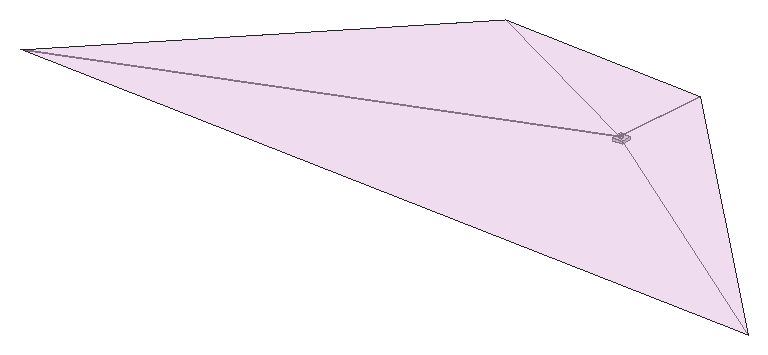
Revit family "Camera-Security-Panasonic-Dome-Network-S3111LSeriesX", category Security Devices, host Face, Revit 2016
Family settings
  Host = Face
  Maintain Annotation Orientation = No
  Part Type = Normal
  Round Connector Dimension = Use Diameter
  OmniClass Number = 23.85.10.14.11
  OmniClass Title = Cameras
  Cut with Voids When Loaded = No
  Shared = No
  Room Calculation Point = No
Parameters (values of type "WV-S3131L")
  z Yaw Actual [instance] = if(and(On Wall, not(On Ceiling)), Yaw Actual, Yaw Actual + 180.00°)  # 180.00°
  z VV Viewpoint Depth Min = 0.68898"  # constant formula
  z VV Viewpoint Depth Max = 0.68898"  # constant formula
  z VV Viewpoint Depth [instance] = (z VV Viewpoint Depth Max - z VV Viewpoint Depth Min) * z HFOV Ratio + z VV Viewpoint Depth Min  # 0.68898"
  z VV Origin Height [instance] = 0.94488"  # constant formula
  z Tilt Offset Length = 0.66929"  # constant formula
  z Tilt Actual Safe [instance] = if(Tilt Actual = -90.00°, -89.90°, Tilt Actual)  # 45.00°
  z Tilt Actual [instance] = Tilt Actual  # 45.00°
  z Pan Actual Safe [instance] = if(Pan Actual = -180.00°, 180.00°, Pan Actual)  # 0.00°
  z Pan Actual [instance] = Pan Actual  # 0.00°
  z HFOV Ratio [instance] = 1  # constant formula
  z Dome Material = Acrylic Resin - Panasonic - Clear
  z Const Yaw Handle Length = 9.25197"  # constant formula
  z Const Yaw Base2 Length = 17.32283"  # constant formula
  z Const Yaw Base Length = 10.23622"  # constant formula
  z Const Tilt Handle Length = 9.84252"  # constant formula
  z Const Tilt Base2 Length = 19.68504"  # constant formula
  z Const Tilt Base Length = 9.84252"  # constant formula
  z Const Pan Handle Length = 27.55906"  # constant formula
  z Camera Resolution Type = 2
  z Base Radius = Diameter / 2  # 2.04724"
  Yaw Min [instance] = -90.00°  # constant formula
  Yaw Max [instance] = 90.00°  # constant formula
  Yaw Desired [instance] = 0.00°
  Yaw Actual [instance] = if(Yaw Desired > Yaw Max, Yaw Max, if(Yaw Desired < Yaw Min, Yaw Min, Yaw Desired))  # 0.00°
  Wide Dynamic Range = yes
  Weight = 0.66 lbf  # constant formula
  Vertical FOV Min [instance] = if(and(Aspect Ratio 4_3, not(Aspect Ratio 16_9)), VFOV Min 43, VFOV Min 169)  # 60.00°
  Vertical FOV Max [instance] = if(and(Aspect Ratio 4_3, not(Aspect Ratio 16_9)), VFOV Max 43, VFOV Max 169)  # 60.00°
  Vertical FOV Actual [instance] = z HFOV Ratio * (Vertical FOV Max - Vertical FOV Min) + Vertical FOV Min  # 60.00°
  Vandal Resistant = no
  VFOV Min 43 = 66.00°
  VFOV Min 169 = 60.00°
  VFOV Max 43 = 66.00°
  VFOV Max 169 = 60.00°
  URL = "http://security.panasonic.com/pss/security/"
  Tilting Range = "0 to +90°"  # constant formula
  Tilt Min [instance] = 0.00°  # constant formula
  Tilt Max [instance] = 90.00°  # constant formula
  Tilt Desired [instance] = 45.00°
  Tilt Actual [instance] = if(Tilt Desired > Tilt Max, Tilt Max, if(Tilt Desired < Tilt Min, Tilt Min, Tilt Desired))  # 45.00°
  Storage Temperature = "32°F - 104°F"  # constant formula
  Show View Volume [instance] = yes
  Resolution_HD [instance] = no
  Resolution_FullHD [instance] = yes
  Regulatory Compliance = "UL (UL60950-1), c-UL (CSA C22.2 No.60950-1), CE, IEC60950-1,FCC (Part15 Subpart B, ClassA, SDoC), ICES-003 ClassA, EN55032 ClassB, EN55024"  # constant formula
  Rated Current = 80 mA  # constant formula
  Provide Feedback = "https://www.surveymonkey.com/s/95FL6QY"
  Product Page URL = "https://security.panasonic.com/products/wv-s3131l/"
  Product Material = ABS Resin - Panasonic - Sail White
  Product Documentation Link = "https://bizpartner.panasonic.net/public/product/wv-s3131l?accordion_tab=96"
  Power Active = 3.8 W  # constant formula
  PoE = 48 V  # constant formula
  Part Number = Model  # "WV-S3131L"
  Part Description = Description  # "Security Camera, Super Dynamic, FullHD, Dome, Network"
  Panning Range = "±45°"  # constant formula
  Pan Min [instance] = -45.00°  # constant formula
  Pan Max [instance] = 45.00°  # constant formula
  Pan Desired [instance] = 0.00°
  Pan Actual [instance] = if(Pan Desired > Pan Max, Pan Max, if(Pan Desired < Pan Min, Pan Min, Pan Desired))  # 0.00°
  PPM Desired [instance] = 0
  PPM Actual [instance] = if(PPM Desired > 1, PPM Desired, 1)  # 1
  Original Creation Date = "2019/01/16"
  Operational Temperature = "0 °C to +40 °C (32 °F to 104 °F)"  # constant formula
  Operational Humidity = "10 to 90 % (no condensation)"  # constant formula
  On Wall [instance] = no
  On Ceiling [instance] = yes
  Mounting Positions = "Surface Mount"
  Model Disclaimer = "Contact Panasonic for more information"  # constant formula
  Model = "WV-S3131L"
  Minimum Illumination = 0.03 lx
  Manufacturer = "Panasonic"  # constant formula
  Lens Mount = "N/A"  # constant formula
  Indoor Or Outdoor = "Indoor"
  IP Or Analog = "IP"
  Horizontal Resolution Actual [instance] = if(and(Aspect Ratio 4_3, not(Aspect Ratio 16_9)), Horizontal Resolution 43, Horizontal Resolution 169)  # 1920
  Horizontal Resolution 43 [instance] = if(not(z Camera Resolution Type = 2), 1280, if(and(Resolution_HD, not(Resolution_FullHD)), 1280, 2048))  # 2048
  Horizontal Resolution 169 [instance] = if(not(z Camera Resolution Type = 2), 1280, if(and(Resolution_HD, not(Resolution_FullHD)), 1280, 1920))  # 1920
  Horizontal FOV Min [instance] = if(and(Aspect Ratio 4_3, not(Aspect Ratio 16_9)), HFOV Min 43, HFOV Min 169)  # 108.00°
  Horizontal FOV Max [instance] = if(and(Aspect Ratio 4_3, not(Aspect Ratio 16_9)), HFOV Max 43, HFOV Max 169)  # 108.00°
  Horizontal FOV Desired [instance] = 0.00°
  Horizontal FOV Actual [instance] = if(Horizontal FOV Desired > Horizontal FOV Max, Horizontal FOV Max, if(Horizontal FOV Desired < Horizontal FOV Min, Horizontal FOV Min, Horizontal FOV Desired))  # 108.00°
  Height = 2.00787"  # constant formula
  Has POE = yes
  HFOV Min 43 = 89.00°
  HFOV Min 169 = 108.00°
  HFOV Max 43 = 89.00°
  HFOV Max 169 = 108.00°
  Family Version = "1.0.0"  # constant formula
  Equipment Number [instance] = ""
  Equipment Abbreviation = "SC"
  Dome Part Number = "WV-CW6SA"  # constant formula
  Distance to Screen [instance] = 393.70079"
  Distance to PPM Target [instance] = if(PPM Actual = 0, 0.000", 39.37008" * Horizontal Resolution Actual / (PPM Actual * 2 * tan(Horizontal FOV Actual / 2)))  # 27459.87507"
  Distance to Floor [instance] = 118.11024"
  Distance to Ceiling [instance] = 0.000"
  Diameter = 4.09449"  # constant formula
  Description = "Security Camera, Super Dynamic, FullHD, Dome, Network"
  Default Elevation = 0.000"
  Date Last Modified = "2019/01/16"
  Day Or Night = "Yes"
  Copyright = "Copyright © Panasonic"  # constant formula
  Communication Ports = "10Base-T / 100Base-TX, RJ45 connector"  # constant formula
  Audio Out = "No"
  Audio In = "No"
  Aspect Ratio 4_3 [instance] = no
  Aspect Ratio 16_9 [instance] = yes
  Angle Of View = "108"
  Alarm Input Or Output = "N/A"
Types (2): name | z Camera Resolution Type | Vertical FOV Min | Vertical FOV Max | Vertical FOV Actual | VFOV Min 43 | VFOV Min 169 | VFOV Max 43 | VFOV Max 169 | Resolution_HD | Resolution_FullHD | Product Page URL | Product Documentation Link | Part Number | Part Description | PPM Desired | PPM Actual | Model | Minimum Illumination | Horizontal Resolution Actual | Horizontal Resolution 43 | Horizontal Resolution 169 | Horizontal FOV Min | Horizontal FOV Max | Horizontal FOV Desired | Horizontal FOV Actual | HFOV Min 43 | HFOV Min 169 | HFOV Max 43 | HFOV Max 169 | Distance to PPM Target | Description | Angle Of View
  WV-S3111L | 1 | 54.00° | 54.00° | 54.00° | 72.00° | 54.00° | 72.00° | 54.00° | yes | no | "https://security.panasonic.com/products/wv-s3111l/" | "https://bizpartner.panasonic.net/public/product/wv-s3111l?accordion_tab=96" | "WV-S3111L" | "Security Camera, Super Dynamic, HD, Dome, Network" | 300 | 300 | "WV-S3111L" | 0.02 lx | 1280 | 1280 | 1280 | 97.00° | 97.00° | 60.00° | 97.00° | 97.00° | 97.00° | 97.00° | 97.00° | 74.30763" | "Security Camera, Super Dynamic, HD, Dome, Network" | "97"
  WV-S3131L | 2 | 60.00° | 60.00° | 60.00° | 66.00° | 60.00° | 66.00° | 60.00° | no | yes | "https://security.panasonic.com/products/wv-s3131l/" | "https://bizpartner.panasonic.net/public/product/wv-s3131l?accordion_tab=96" | "WV-S3131L" | "Security Camera, Super Dynamic, FullHD, Dome, Network" | 0 | 1 | "WV-S3131L" | 0.03 lx | 1920 | 2048 | 1920 | 108.00° | 108.00° | 0.00° | 108.00° | 89.00° | 108.00° | 89.00° | 108.00° | 27459.87507" | "Security Camera, Super Dynamic, FullHD, Dome, Network" | "108"
Reference planes (in)
  plane 1 "Center (Front/Back)": y = 0
  plane 2: z = 0
  plane 3 "Center (Left/Right)": x = 0
  plane 4: x = 2.04724
  plane 5: x = -2.04724
  plane 6: z = 1.758
  plane 7: x = -0.75
  plane 8: x = 0.75
  plane 9: y = -1
  plane 10: y = -1.75
  plane 11: y = -0.25
  plane 12: y = 0.531
  plane 13: x = -1.9405
  plane 14: x = 1.9405
  plane 15: z = 0.558
  plane 16: z = 1.258
  plane 17: z = 0.758
  plane 18: y = -0.66929
  plane 19: z = 0
  plane 20: z = 2.00787
  plane 21 "BP": z = 0.94488
Forms (in)
  Extrusion 1, solid
    sketch origin (0, 0, 0) x (1, 0, 0) y (0, 1, 0)
      loop
        line (-5.98395, 6.49686) -> (-5.98395, -6.8388) -> (7.86462, -6.8388) -> (7.86462, 6.49686) -> (-5.98395, 6.49686)
    from 0 to -3.65195
  Extrusion 2, solid, material "ABS Resin - Panasonic - Sail White" <- "Product Material"
    sketch origin (0, 0, 0) x (1, 0, 0) y (0, 1, 0)
      loop
        circle (0, 0) r 2.04724
    from 0 to 1.758
  Sweep 3, void
    path in 3D
      loop
        spline (-2.08128, 1.031, 1.5) -> (-2.01037, 0.90159, 1.5) -> (-1.80244, 0.781, 1.5) -> (-1.47169, 0.67745, 1.5) -> (-1.04064, 0.59799, 1.5) -> (-0.53868, 0.54804, 1.5) -> (0, 0.531, 1.5) -> (0.53868, 0.54804, 1.5) -> (1.04064, 0.59799, 1.5) -> (1.47169, 0.67745, 1.5) -> (1.80244, 0.781, 1.5) -> (2.01037, 0.90159, 1.5) -> (2.08128, 1.031, 1.5)
    profile origin (0, 0.531, 1.5) x (0, 1, 0) y (0, 0, 1)
      loop
        line (0, 0.258) -> (-2.69735, 0.258) -> (-2.69735, -0.942) -> (-0.78008, -0.742)
        arc (-0.78008, -0.742) -> (-0.21809, -0.37614) -> (0, 0.258) r 1.031
  Revolve 4, solid, material "Acrylic Resin - Panasonic - Clear" <- "z Dome Material"
    sketch origin (-60, -0.66929, 48) x (-1, 0, 0) y (0, 0, 1)
      loop
        arc (-59.11985, -47.442) -> (-59.16959, -46.48011) -> (-60, -45.99213) r 1.01583
        line (-60, -45.99213) -> (-60, -47.442) -> (-59.11985, -47.442)
      axis (-60, -45.99213) -> (-60, -47.442)
    angle from 0 to 360
  Sweep 5, void
    path in 3D
      loop
        spline (1.87785, 0.8154, 1.758) -> (1.60231, 0.7119, 1.758) -> (1.2785, 0.63646, 1.758) -> (0.95892, 0.58723, 1.758) -> (0.64419, 0.55555, 1.758) -> (0.32099, 0.53698, 1.758) -> (-0.00144, 0.531, 1.758) -> (-0.32012, 0.53695, 1.758) -> (-0.64095, 0.5553, 1.758) -> (-0.96343, 0.5878, 1.758) -> (-1.28854, 0.63835, 1.758) -> (-1.60867, 0.71376, 1.758) -> (-1.87785, 0.8154, 1.758)
    profile origin (-0.00144, 0.531, 1.758) x (-0.000157, -1, 0) y (0, 0, 1)
      loop
        line (0, 0) -> (-0.31705, 0) -> (-0.31705, -1.758) -> (2.281, -1.758) -> (2.281, -1.15775) -> (0.78008, -1.358)
        arc (0.78008, -1.358) -> (0.2089, -0.78305) -> (0, 0) r 1.57208
Cuts and joins
  Sweep 3 cuts Extrusion 2
  Sweep 5 cuts Revolve 4
Lines and regions (in)
  Masking region 1
    outline origin (0, 0, 0) x (1, 0, 0) y (0, 1, 0)
      loop
        circle (0, 0) r 2.04724
  Masking region 2
    outline origin (0, 0, 0) x (1, 0, 0) y (0, 0, 1)
      loop
        line (-2.04724, 0) -> (2.04724, 0) -> (2.04724, 0.75) -> (1.83288, 1.258) -> (1.80671, 1.758) -> (-1.80671, 1.758) -> (-1.83288, 1.258) -> (-2.04724, 0.75) -> (-2.04724, 0)
  sketch lines
    curve 1: spline (-2.08128, 1.031, 1.5) -> (-2.01037, 0.90159, 1.5) -> (-1.80244, 0.781, 1.5) -> (-1.47169, 0.67745, 1.5) -> (-1.04064, 0.59799, 1.5) -> (-0.53868, 0.54804, 1.5) -> (0, 0.531, 1.5) -> (0.53868, 0.54804, 1.5) -> (1.04064, 0.59799, 1.5) -> (1.47169, 0.67745, 1.5) -> (1.80244, 0.781, 1.5) -> (2.01037, 0.90159, 1.5) -> (2.08128, 1.031, 1.5)
    curve 2: spline (1.87785, 0.8154, 1.758) -> (1.60231, 0.7119, 1.758) -> (1.2785, 0.63646, 1.758) -> (0.95892, 0.58723, 1.758) -> (0.64419, 0.55555, 1.758) -> (0.32099, 0.53698, 1.758) -> (-0.00144, 0.531, 1.758) -> (-0.32012, 0.53695, 1.758) -> (-0.64095, 0.5553, 1.758) -> (-0.96343, 0.5878, 1.758) -> (-1.28854, 0.63835, 1.758) -> (-1.60867, 0.71376, 1.758) -> (-1.87785, 0.8154, 1.758)
  symbolic lines, style "SecurityDevices", detail levels fine
    curve 3: circle (0, -0.66929, 0) r 1.15794 normal (0, 0, 1)
Dimensions and locks (in)
  equal spacing: plane 5, plane 3 "Center (Left/Right)", plane 4
  "Diameter": plane 5 to plane 4
  plane 6 to plane 2 = 1.758"
  plane 11 to plane 9 to plane 10 = 0.750", 0.750" locked
  plane 1 "Center (Front/Back)" to plane 12 = 0.531"
  "Height": plane 20 to plane 19
  plane 6 to plane 16 to plane 17 to plane 15 to plane 19 = 0.500" locked, 0.500" locked, 0.200" locked, 0.558" locked
  "z VV Origin Height": plane 21 "BP" to level
  "z Tilt Offset Length": plane 18 to plane 1 "Center (Front/Back)"
  "z Tilt Offset Length": nested 1 to plane 1 "Center (Front/Back)"
  "z Base Radius": radius of Extrusion 2 sketch curve
  "z Base Radius": radius of Masking region 1 sketch curve
  aligned and locked: plane 2 to Extrusion 1
  aligned and locked: level to Extrusion 1
  aligned and locked: plane 1 "Center (Front/Back)" to Extrusion 2 sketch curve
  aligned and locked: plane 3 "Center (Left/Right)" to Extrusion 2 sketch curve
  aligned and locked: plane 6 to Extrusion 2
  aligned and locked: cut or joined group of Extrusion 2, Sweep 3 to plane 19
  aligned and locked: plane 3 "Center (Left/Right)" to Revolve 4 sketch curve
  aligned and locked: plane 6 to Sweep 3 sketch curve
  aligned and locked: plane 15 to Sweep 3 sketch curve
  aligned and locked: plane 17 to Sweep 3 sketch curve
  aligned and locked: Sweep 5 sketch curve to plane 19
  aligned and locked: plane 6 to Sweep 5 sketch curve
  aligned and locked: nested 1 to plane 3 "Center (Left/Right)"
Automatic sketch dimensions
  Extrusion 1 sketch curve to Extrusion 1 sketch curve = 13.84857"
  Extrusion 1 sketch curve to Extrusion 1 sketch curve = 13.33566"
  Sweep 3 sketch curve to profile plane = 0.000"
  profile plane to Sweep 3 sketch curve = 0.78008"
  Sweep 3 sketch curve to Sweep 3 sketch curve = 1.91727"
  Sweep 5 sketch curve to profile plane = 0.000"
  profile plane to Sweep 5 sketch curve = 0.31705"
  Sweep 5 sketch curve to profile plane = 0.78008"
  Sweep 5 sketch curve to Sweep 5 sketch curve = 1.50092"
  Sweep 5 sketch curve to profile plane = 1.15775"
  Sweep 5 sketch curve to Sweep 5 sketch curve = 0.400"
  plane 5 to Masking region 2 sketch curve = 0.000"
  Masking region 2 sketch curve to plane 16 = 0.000"  (x2)
  Masking region 2 sketch curve to plane 6 = 0.000"
  plane 4 to Masking region 2 sketch curve = 0.000"
  Masking region 2 sketch curve to level = 0.000"
  Masking region 2 sketch curve to plane 13 = 0.10762"
  Masking region 2 sketch curve to plane 13 = 0.13379"
  Masking region 2 sketch curve to plane 14 = 0.13379"
  Masking region 2 sketch curve to plane 14 = 0.10762"
  plane 17 to Masking region 2 sketch curve = 0.008"  (x2)
  curve 3 to plane 3 "Center (Left/Right)" = 0.000"
  plane 18 to curve 3 = 0.000"
  Revolve 4 sketch curve to plane 3 "Center (Left/Right)" = 0.000"
  Revolve 4 sketch curve to plane 15 = 0.000"
  Revolve 4 sketch curve to plane 20 = 0.000"
  Revolve 4 sketch curve to plane 3 "Center (Left/Right)" = 0.03795"
  Revolve 4 sketch curve to plane 21 "BP" = 0.04787"
  Revolve 4 sketch curve to plane 16 = 0.17748"
  plane 6 to Revolve 4 sketch curve = 0.12412"
  plane 1 "Center (Front/Back)" to Masking region 1 sketch curve = 0.000"
  Masking region 1 sketch curve to plane 3 "Center (Left/Right)" = 0.000"
  radius of curve 3 = 1.15794"
Nested families (in)
  nested 1: "Camera-Security-Panasonic-ViewVolumePTYZ" at (0, -0.66929, 0.94488), Viewpoint Depth <- "z VV Viewpoint Depth", Base Height Offset <- "z VV Origin Height", Pan <- "z Pan Actual Safe", Tilt <- "z Tilt Actual Safe", HFOV <- "Horizontal FOV Actual", VFOV <- "Vertical FOV Actual", Target Depth <- "Distance to PPM Target", Yaw <- "z Yaw Actual", Screen Depth <- "Distance to Screen", On Wall <- "On Wall", On Ceiling <- "On Ceiling", Floor Distance <- "Distance to Floor", Ceiling Distance <- "Distance to Ceiling", visible <- "Show View Volume", type "Camera-Security-Panasonic-ViewVolumePTYZ"
    with z Yaw Actual 180.00°, z Void Width 1874.43458", z Void Thickness 395.33465", z Void Height Start -937.21729", z Void Height End 937.21729", z Void Direction 0, z Void Angle 0.00°, z Viewpoint Depth 0.68898", z Tilt Actual 45.00°, z Target Width 75590.55118", z Target Visible no, z Target Height 31707.93253", z Target Depth 27460.56405", z Screen Width 1083.76529", z Screen Height 454.60651", z Screen Depth 394.38976", z Pan Actual 0.00°, z Floor Distance 118.11024", z Ceiling Distance 0.000", Yaw 180.00°, Viewpoint Origin Horizontal Offset 0.000", Viewpoint Depth 0.68898", VFOV 60.00°, Tilt 45.00°, Target Depth 27459.87507", Screen Depth 393.70079", Pan 0.00°, On Wall no, On Floor no, On Default Mount Type 0, On Ceiling yes, HFOV 108.00°, Floor Distance 118.11024", Ceiling Distance 0.000", Base Height Offset 0.94488", Base Angle Offset 0.00°
Connectors (in)
  electrical at (0, 0, 0), driven by "PoE", driven by "Power Active"
    settings: on cut or joined group of Extrusion 2, Sweep 3, index 1, voltage 48 V, apparent load 3.8 W, apparent load phase1 0.0 W, apparent load phase2 0.0 W, apparent load phase3 0.0 W, power factor 1, load classification "Other", number of poles 1, system type 30, power factor state 1, is connector primary yes, connector utility no, sub classification motor no, connector description "Electrical Connection"
  electrical at (0, 0, 0)
    settings: index 2, voltage 0 V, apparent load 0.0 W, apparent load phase1 0.0 W, apparent load phase2 0.0 W, apparent load phase3 0.0 W, power factor 1, load classification "Other", number of poles 1, system type 5, power factor state 1, is connector primary no, connector utility no, sub classification motor no, connector description "Data Connection"
Definition of nested family "Camera-Security-Panasonic-ViewVolumePTYZ"
  Parameters
    z Yaw Actual [instance] = if(Yaw < 0.00°, 360.00° - (abs(Yaw) - rounddown(abs(Yaw) / 360.00°) * 360.00°), Yaw - rounddown(Yaw / 360.00°) * 360.00°)  # 0.00°
    z Void Width [instance] = if(z Screen Width > z Screen Height, z Screen Width, z Screen Height) + abs(Viewpoint Origin Horizontal Offset) + z Void Thickness * 2  # 1265.63013"
    z Void Thickness [instance] = z Screen Depth + abs(Base Height Offset)  # 405.51181"
    z Void Height Start [instance] = -z Void Width / 2  # -632.81507"
    z Void Height End [instance] = z Void Width / 2  # 632.81507"
    z Void Direction [instance] = if((if(On Wall, 1, 0) + if(On Floor, 1, 0) + if(On Ceiling, 1, 0)) = 1, if(On Ceiling, 0, if(On Wall, 1, 2)), On Default Mount Type)  # 0
    z Viewpoint Depth [instance] = if(Viewpoint Depth < 0.03937", 0.03937", Viewpoint Depth)  # 5.90551"
    z Tilt Actual [instance] = if(Tilt < 0.00°, 360.00° - (abs(Tilt) - rounddown(abs(Tilt) / 360.00°) * 360.00°), Tilt - rounddown(Tilt / 360.00°) * 360.00°)  # 45.00°
    z Target Visible [instance] = not(Screen Depth < Target Depth)  # yes
    z Target Thickness Start = -z Target Thickness / 2  # -0.03937"
    z Target Thickness End = z Target Thickness / 2  # 0.03937"
    z Target Depth [instance] = Target Depth + Viewpoint Depth  # 84.64567"
    z Pan Actual [instance] = if(Pan < 0.00°, 360.00° - (abs(Pan) - rounddown(abs(Pan) / 360.00°) * 360.00°), Pan - rounddown(Pan / 360.00°) * 360.00°)  # 0.00°
    z Floor Distance [instance] = if(z Void Direction = 2, if(Floor Distance < 0.000", 0.000", Floor Distance), if(Floor Distance < 0.3937", 0.3937", Floor Distance))  # 118.11024"
    z Const Yaw Base2 Length = 17.32283"  # constant formula
    z Const Tilt Base2 Length = 19.68504"  # constant formula
    z Ceiling Distance [instance] = if(z Void Direction = 2, if(Ceiling Distance < 0.3937", 0.3937", Ceiling Distance), if(Ceiling Distance < 0.000", 0.000", Ceiling Distance))  # 0.000"
    z Const Void Handle Length = 23.62205"  # constant formula
    z Void Angle [instance] = if(z Void Direction = 0, 0.00° + Base Angle Offset, if(z Void Direction = 1, 90.00° + Base Angle Offset, 180.00° + Base Angle Offset))  # 0.00°
    z Screen Depth [instance] = if(Screen Depth < 3.93701", 3.93701" + Viewpoint Depth, Screen Depth + Viewpoint Depth)  # 399.6063"
    Original Creation Date = "September, 15, 2016"  # constant formula
    On Default Mount Type [instance] = 0
    Manufacturer = "Panasonic"  # constant formula
    Family Version = "1.0.0"  # constant formula
    Default Elevation = 48.000"
    Date Last Modified = "September, 15, 2016"  # constant formula
    Copyright = "Copyright © Panasonic"  # constant formula
    Base Height Offset [instance] = 5.90551"
    Base Angle Offset [instance] = 0.00°
    z Viewpoint Width = 0.03937"  # constant formula
    z Viewpoint Height = 0.03937"  # constant formula
    VFOV [instance] = 33.75°
    z Target Width [instance] = Target Depth * tan(HFOV / 2) * 2  # 90.9213"
    z Target Thickness = 0.07874"  # constant formula
    z Target Height [instance] = Target Depth * tan(VFOV / 2) * 2  # 47.77113"
    Target Depth [instance] = 78.74016"
    z Screen Width [instance] = (z Screen Depth - Viewpoint Depth) * tan(HFOV / 2) * 2  # 454.60651"
    z Screen Height [instance] = (z Screen Depth - Viewpoint Depth) * tan(VFOV / 2) * 2  # 238.85566"
    Screen Depth [instance] = 393.70079"
    z Const Yaw Handle Length = 9.25197"  # constant formula
    z Const Yaw Base Length = 10.23622"  # constant formula
    Viewpoint Depth [instance] = 5.90551"
    Viewpoint Origin Horizontal Offset [instance] = 0.000"
    z Const Tilt Handle Length = 14.17323"  # constant formula
    z Const Tilt Base Length = 9.84252"  # constant formula
    z Const Pan Handle Length = 19.68504"  # constant formula
    z Const Pan Axis Length = 15.74803"  # constant formula
    On Wall [instance] = no
    On Floor [instance] = no
    On Ceiling [instance] = yes
    HFOV [instance] = 60.00°
    Yaw [instance] = 0.00°
    Tilt [instance] = 45.00°
    Pan [instance] = 0.00°
    Floor Distance [instance] = 118.11024"
    Ceiling Distance [instance] = 0.000"
  Reference planes (in)
    plane 1 "Center (Front/Back)": y = 0
    plane 2: z = 0
    plane 3 "Center (Left/Right)": x = 0
    plane 4 "VoidOffsetBase": z = -5.90551
  Forms (in)
    Extrusion 1, void
      sketch origin (0, 0, -5.90551) x (0, 0, 1) y (0, -1, 0)
        loop
          line (523.62205, 632.81507) -> (118.11024, 632.81507) -> (118.11024, -632.81507) -> (523.62205, -632.81507) -> (523.62205, 632.81507)
        loop
          line (0, 632.81507) -> (-405.51181, 632.81507) -> (-405.51181, -632.81507) -> (0, -632.81507) -> (0, 632.81507)
      from -632.81507 <- "z Void Height Start" to 632.81507 <- "z Void Height End"
    Blend 2, solid
      base sketch origin (0, -4.17583, 4.17583) x (0, 0.707107, 0.707107) y (-1, 0, 0)
        loop
          line (-0.01969, -0.01969) -> (0.01969, -0.01969) -> (0.01969, 0.01969) -> (-0.01969, 0.01969) -> (-0.01969, -0.01969)
      top sketch origin (0, -282.56432, 282.56432) x (0, 0.707107, 0.707107) y (-1, 0, 0)
        loop
          line (-119.42783, -227.30326) -> (119.42783, -227.30326) -> (119.42783, 227.30326) -> (-119.42783, 227.30326) -> (-119.42783, -227.30326)
      from 0 to 0
    Extrusion 3, solid, visible <- "z Target Visible"
      sketch origin (0, -59.85353, 59.85353) x (0, 0.707107, 0.707107) y (-1, 0, 0)
        loop
          line (-23.88557, -45.46065) -> (23.88557, -45.46065) -> (23.88557, 45.46065) -> (-23.88557, 45.46065) -> (-23.88557, -45.46065)
      from -0.03937 <- "z Target Thickness Start" to 0.03937 <- "z Target Thickness End"
  Cuts and joins
    Extrusion 1 cuts Blend 2
    Extrusion 1 cuts Extrusion 3
  Lines and regions (in)
    reference lines
      curve 1: line (0, 0, 0) -> (19.68504, 0, 0)
      curve 2: line (0, 0, -15.74803) -> (0, 0, 0)
      curve 3: line (0, 0, 0) -> (0, -9.84252, 0)
      curve 4: line (0, 0, 0) -> (0, 0, 19.68504)
      curve 5: line (0, -10.02199, 10.02199) -> (0, 0, 0)
      curve 6: line (0, 0, 0) -> (0, 7.2381, 7.2381)
      curve 7: line (0, 0, 0) -> (-17.32283, 0, 0)
      curve 8: line (0, 0, 0) -> (-9.25197, 0, 0)
      curve 9: line (0, -4.17583, 4.17583) -> (0, 0, 0)
      curve 10: line (0, 0, 0) -> (0, -59.85353, 59.85353)
      curve 11: line (0, 0, 0) -> (0, -282.56432, 282.56432)
      curve 12: line (-0.01969, -4.16191, 4.18975) -> (0.01969, -4.16191, 4.18975)
      curve 13: line (-0.01969, -4.18975, 4.16191) -> (0.01969, -4.18975, 4.16191)
      curve 14: line (-0.01969, -4.16191, 4.18975) -> (-0.01969, -4.18975, 4.16191)
      curve 15: line (0.01969, -4.16191, 4.18975) -> (0.01969, -4.18975, 4.16191)
      curve 16: line (-45.46065, -42.96388, 76.74317) -> (45.46065, -42.96388, 76.74317)
      curve 17: line (-45.46065, -76.74317, 42.96388) -> (45.46065, -76.74317, 42.96388)
      curve 18: line (-45.46065, -42.96388, 76.74317) -> (-45.46065, -76.74317, 42.96388)
      curve 19: line (45.46065, -42.96388, 76.74317) -> (45.46065, -76.74317, 42.96388)
      curve 20: line (-227.30326, -198.1161, 367.01255) -> (-227.30326, -367.01255, 198.1161)
      curve 21: line (227.30326, -198.1161, 367.01255) -> (227.30326, -367.01255, 198.1161)
      curve 22: line (-227.30326, -198.1161, 367.01255) -> (227.30326, -198.1161, 367.01255)
      curve 23: line (-227.30326, -367.01255, 198.1161) -> (227.30326, -367.01255, 198.1161)
      curve 24: line (0, 0, -5.90551) -> (0, 0, 17.71654)
      curve 25: line (0, -632.81507, 517.71654) -> (0, 632.81507, 517.71654)
      curve 26: line (0, -632.81507, 112.20472) -> (0, -632.81507, 517.71654)
      curve 27: line (0, 632.81507, 112.20472) -> (0, -632.81507, 112.20472)
      curve 28: line (0, 632.81507, 517.71654) -> (0, 632.81507, 112.20472)
      curve 29: line (0, -632.81507, -5.90551) -> (0, 632.81507, -5.90551)
      curve 30: line (0, -632.81507, -411.41732) -> (0, -632.81507, -5.90551)
      curve 31: line (0, 632.81507, -411.41732) -> (0, -632.81507, -411.41732)
      curve 32: line (0, 632.81507, -5.90551) -> (0, 632.81507, -411.41732)
  Dimensions and locks (in)
    "z Const Pan Handle Length": curve 1 to curve 1
    "z Const Pan Axis Length": curve 2 to curve 2
    "z Const Tilt Base Length": curve 3 to curve 3
    "z Const Pan Axis Length": curve 1 to curve 2
    "Viewpoint Origin Horizontal Offset": curve 4 to curve 2
    "z Const Tilt Base2 Length": curve 4 to curve 4
    "z Const Tilt Handle Length": curve 5 to curve 5
    "z Const Yaw Base Length": curve 6 to curve 6
    "z Const Yaw Base2 Length": curve 7 to curve 7
    "z Const Yaw Handle Length": curve 8 to curve 8
    "z Viewpoint Depth": curve 9 to curve 9
    "z Target Depth": curve 10 to curve 10
    "z Screen Depth": curve 11 to curve 11
    equal spacing: curve 13, curve 9, curve 12
    "z Viewpoint Height": curve 13 to curve 12
    equal spacing: curve 14, curve 9, curve 15
    "z Viewpoint Width": curve 14 to curve 15
    equal spacing: curve 17, curve 10, curve 16
    "z Target Height": curve 17 to curve 16
    equal spacing: curve 18, curve 10, curve 19
    "z Target Width": curve 18 to curve 19
    equal spacing: curve 20, curve 11, curve 21
    "z Screen Width": curve 20 to curve 21
    equal spacing: curve 23, curve 11, curve 22
    "z Screen Height": curve 23 to curve 22
    "z Const Void Handle Length": curve 24 to curve 24
    equal spacing: curve 26, curve 24, curve 28
    "z Void Width": curve 26 to curve 28
    "z Floor Distance": curve 27 to curve 24
    "z Ceiling Distance": curve 29 to curve 24
    "z Void Thickness": curve 31 to curve 29
    "z Void Thickness": curve 25 to curve 27
    "Base Height Offset": level to plane 4 "VoidOffsetBase"
    locked: curve 3 to curve 2 (angle 90.00°)
    locked: curve 3 to curve 4 (angle 90.00°)
    "z Tilt Actual": angle curve 4 to curve 5
    locked: curve 6 to curve 7 (angle 90.00°)
    locked: curve 6 to curve 5 (angle 90.00°)
    locked: curve 9 to curve 5 (angle 0.00°)
    locked: curve 10 to curve 5 (angle 0.00°)
    locked: curve 11 to curve 5 (angle 0.00°)
    "z Void Angle": angle plane 1 "Center (Front/Back)" to curve 24
    "z Yaw Actual": angle curve 7 to curve 8
    "z Pan Actual": angle plane 1 "Center (Front/Back)" to curve 1
    aligned and locked: level to plane 2
    aligned and locked: curve 2 to curve 1
    aligned and locked: curve 2 to curve 3
    aligned and locked: curve 3 to curve 2
    aligned and locked: curve 3 to curve 5
    aligned and locked: curve 6 to curve 7
    aligned and locked: curve 6 to curve 8
    aligned and locked: curve 8 to curve 7
    aligned and locked: curve 7 to curve 6
    aligned and locked: curve 5 to curve 11
    aligned and locked: curve 11 to curve 8
    aligned and locked: curve 12 to curve 15
    aligned and locked: curve 15 to curve 15
    aligned and locked: curve 14 to curve 14
    aligned and locked: curve 13 to curve 15
    aligned and locked: curve 16 to curve 19
    aligned and locked: curve 18 to curve 18
    aligned and locked: curve 17 to curve 19
    aligned and locked: curve 22 to curve 22
    aligned and locked: curve 21 to curve 23
    aligned and locked: curve 20 to curve 23
    aligned and locked: curve 23 to curve 23
    aligned and locked: plane 1 "Center (Front/Back)" to curve 24
    aligned and locked: curve 30 to curve 26
    aligned and locked: curve 28 to curve 32
    aligned and locked: Extrusion 1 sketch curve to curve 25
    aligned and locked: Extrusion 1 sketch curve to curve 26
    aligned and locked: Extrusion 1 sketch curve to curve 27
    aligned and locked: Extrusion 1 sketch curve to curve 28
    aligned and locked: Extrusion 1 sketch curve to curve 29
    aligned and locked: Extrusion 1 sketch curve to curve 30
    aligned and locked: Extrusion 1 sketch curve to curve 31
    aligned and locked: Extrusion 1 sketch curve to curve 32
    aligned and locked: Extrusion 1 sketch curve to Extrusion 1 sketch curve  (x8)
    aligned and locked: Blend 2 sketch curve to curve 15
    aligned and locked: Blend 2 sketch curve to curve 13
    aligned and locked: Blend 2 sketch curve to curve 14
    aligned and locked: Blend 2 sketch curve to curve 12
    aligned and locked: Blend 2 sketch curve to Blend 2 sketch curve  (x8)
    aligned and locked: Blend 2 sketch curve to curve 21
    aligned and locked: Blend 2 sketch curve to curve 23
    aligned and locked: Blend 2 sketch curve to curve 20
    aligned and locked: Blend 2 sketch curve to curve 22
    aligned and locked: Extrusion 3 sketch curve to curve 19
    aligned and locked: Extrusion 3 sketch curve to curve 17
    aligned and locked: Extrusion 3 sketch curve to curve 18
    aligned and locked: Extrusion 3 sketch curve to curve 16
    aligned and locked: Extrusion 3 sketch curve to Extrusion 3 sketch curve  (x4)
    aligned and locked: plane 3 "Center (Left/Right)" to curve 1
    aligned and locked: plane 1 "Center (Front/Back)" to curve 1
    aligned and locked: level to curve 2
    aligned and locked: plane 4 "VoidOffsetBase" to curve 24
  Automatic sketch dimensions
    curve 6 to curve 5 = 0.000"
    curve 6 to curve 5 = 10.23622"
